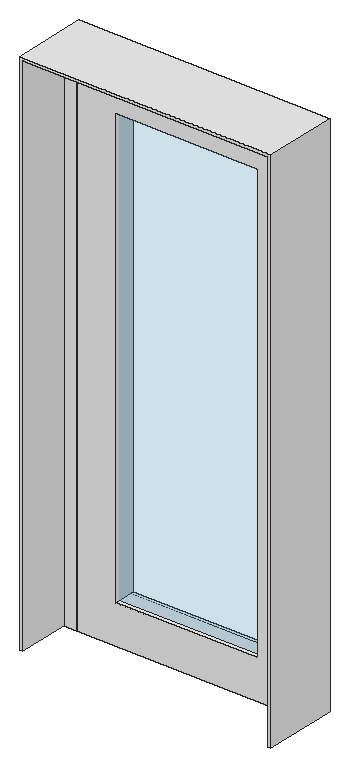
Revit family "Doorset_Entrance Door with Wall Reader_ASSA ABLOY DE_Hardware Light", category Doors, host Wall, Revit 2015
Parameters (values of type "900 x 2110 mm (1000 x 2160 mm)")
  Uniclass 2.0 Description = "Doorsets"
  Uniclass 2.0 Code = "PR-59-23"
  Uniclass 1.4 Description = "Doors"
  Uniclass 1.4 Code = "L411"
  URL = "http://www.assaabloy.de/de/local/de/bim-spezifikationen/bim-tuerloesungen/bim/eingangstuer-mit-wandleser-de01/"
  Type Comments = "900 x 2110 mm (1000 x 2160 mm)"
  Thickness Constraint = if(Thickness < Minimum Thickness, Minimum Thickness, if(Thickness > Maximum Thickness, Maximum Thickness, Thickness))  # 90 mm
  Thickness = 90 mm
  Strikes, Magnetic Locks and Bolts = "1x Electric Strike with face plate_ProFix_Effeff"  # constant formula
  Rough Width = Width + 24 mm  # 1024 mm
  Rough Height = Height + 12 mm  # 2172 mm
  Region Europe = "DE"
  Provider = "ASSA ABLOY DE"  # constant formula
  Product Guid = "a4c1d12d-992d-425b-a9bc-2c0135c17846"
  Panel Width = Width - (2 mm * 50)  # 900 mm
  Panel Material = Steel/Aluminium
  Panel Height = Height - 50 mm  # 2110 mm
  OmniClass Title = "Doors"
  OmniClass Number = "23-17 11 00"
  Name = "Entrance Door with Wall Reader"  # constant formula
  NBS Reference Description = "Doorsets"
  NBS Reference Code = "59-23"
  Model = "Doorset_Entrance Door with Wall Reader_ASSA ABLOY DE_Hardware Light"  # constant formula
  Minimum Thickness = 38 mm  # constant formula
  Minimum Door Width = 900 mm  # constant formula
  Minimum Door Height = 2110 mm  # constant formula
  Maximum Thickness = 105 mm  # constant formula
  Maximum Door Width = 1500 mm  # constant formula
  Maximum Door Height = 3750 mm  # constant formula
  Manufacturer = "ASSA ABLOY"  # constant formula
  Locksets = "1x Mortise Lock_OneSystem_ASSA ABLOY"  # constant formula
  Identity and Access Solutions = "1x Access Control SCALA_SCALA_Effeff"  # constant formula
  IFC Classification = "Door"
  Hardware Set = "ES1-AC-ML-DC-DE01"  # constant formula
  Function = Exterior
  Height = if(Frame Height < Minimum Door Height, Minimum Door Height + 50 mm, if(Frame Height > Maximum Door Height, Maximum Door Height + 50 mm, Frame Height))  # 2160 mm
  Wall Closure = By host
  Width = if(Frame Width < Minimum Door Width, Minimum Door Width + 100 mm, if(Frame Width > Maximum Door Width, Maximum Door Width + 100 mm, Frame Width))  # 1000 mm
  Frame Width = 1000 mm
  Frame Material = Steel/Aluminium
  Frame Height = 2160 mm
  Frame Depth [instance] = Thickness Constraint  # 90 mm
  Electronic Accessories = "1x Power Supply_SCALA_Effeff"  # constant formula
  Edition number = 1
  Door Width [instance] = 1000 mm
  Door Height [instance] = 2160 mm
  Door Closers = "1x Door Closer DC700 with guide rail_Cam-Motion®_ASSA ABLOY"  # constant formula
  Description = "Single Self Closing Entrance Exterior Door with Wall Reader"  # constant formula
  Date of publishing = "22.09.2016"
  Contact Provider = "www.assaabloy.de/kontakt-tuerloesungen/"
  BIMobject Unique ref = "ES1-AC-ML-DC-DE01"
  BIMobject Product Page = "http://bimobject.com/assaabloy-de/product/es1-ac-ml-dc-de01"
  BIMobject Product Group = "Single-Steel/Aluminium-Self Closing-Access Control"
  BIMobject Product Family = "Exterior Door Solutions"
  BIMobject Instructions Video = "https://www.youtube.com/watch?v=BP0i_x6Tqq8&feature=youtu.be"
  BIMobject Brand = "ASSA ABLOY DE"
  Architectural Hardware = "1x Handle (inside) + Knob (outside)_OneSystem_ASSA ABLOY"  # constant formula
Types (8, lengths in mm): name | Type Comments | Rough Width | Rough Height | Panel Width | Panel Height | Height | Width | Frame Width | Frame Height | Door Width | Door Height
  (no name) | "900 x 2110 mm (1000 x 2160 mm)" | 1024 | 2172 | 900 | 2110 | 2160 | 1000 | 1000 | 2160 | 1000 | 2160
  900 x 2110 mm (1000 x 2160 mm) | "900 x 2110 mm (1000 x 2160 mm)" | 1024 | 2172 | 900 | 2110 | 2160 | 1000 | 1000 | 2160 | 1000 | 2160
  1000 x 2110 mm (1100 x 2160 mm) | "1000 x 2110 mm (1100 x 2160 mm)" | 1124 | 2172 | 1000 | 2110 | 2160 | 1100 | 1100 | 2160 | 1100 | 2160
  1000 x 2500 mm (1100 x 2550 mm) | "1000 x 2500 mm (1100 x 2550 mm)" | 1124 | 2562 | 1000 | 2500 | 2550 | 1100 | 1100 | 2550 | 1100 | 2550
  1000 x 3750 mm (1100 x 3800 mm) | "1000 x 3750 mm (1100 x 3800 mm)" | 1124 | 3812 | 1000 | 3750 | 3800 | 1100 | 1100 | 3800 | 1100 | 3800
  1300 x 2500 mm (1400 x 2550 mm) | "1300 x 2500 mm (1400 x 2550 mm)" | 1424 | 2562 | 1300 | 2500 | 2550 | 1400 | 1400 | 2550 | 1400 | 2550
  1300 x 3750 mm (1400 x 3800 mm) | "1300 x 3750 mm (1400 x 3800 mm)" | 1424 | 3812 | 1300 | 3750 | 3800 | 1400 | 1400 | 3800 | 1400 | 3800
  1500 x 3750 mm (1600 x 3800 mm) | "1500 x 3750 mm (1600 x 3800 mm)" | 1624 | 3812 | 1500 | 3750 | 3800 | 1600 | 1600 | 3800 | 1600 | 3800
Reference planes
  plane 1: y = 0
  plane 2 "Center (Left/Right)": x = 0
  plane 3 "Exterior": y = 150
  plane 4 "Interior": y = -150
  plane 5: x = 512
  plane 6: x = -512
  plane 7: z = 2172
  plane 8: x = 500
  plane 9: x = -500
  plane 10: z = 2160
  plane 11: y = 60
  plane 12: x = 450
  plane 13: x = -450
  plane 14: z = 2110
  plane 15: x = 290
  plane 16: x = -290
  plane 17: z = 1950
  plane 18: z = 160
  plane 19: z = 1055
  plane 20: y = 135
  plane 21: y = 75
  plane 22: y = 1050
  plane 23: y = 1174
  plane 24: x = 360
  plane 25: x = -415
  plane 26: x = -662
  plane 27: x = 385.5
Forms (mm)
  Extrusion 1, solid, material "Steel/Aluminium" <- "Frame Material"
    sketch origin (0, 150, 0) x (1, 0, 0) y (0, 0, 1)
      loop
        line (-500, 2160) -> (-500, 0) -> (-450, 0) -> (-450, 2110) -> (450, 2110) -> (450, 0) -> (500, 0) -> (500, 2160) -> (-500, 2160)
    from 0 to 90
  Extrusion 2, solid, material "Steel/Aluminium" <- "Panel Material"
    sketch origin (0, 150, 0) x (1, 0, 0) y (0, 0, 1)
      loop
        line (450, 2110) -> (-450, 2110) -> (-450, 0) -> (450, 0) -> (450, 2110)
      loop
        line (-290, 160) -> (290, 160) -> (290, 1950) -> (-290, 1950) -> (-290, 160)
    from 0 to 90
  Extrusion 3, solid, material "Door Glass"
    sketch origin (0, 150, 0) x (1, 0, 0) y (0, 0, 1)
      loop
        line (-290, 1950) -> (-290, 160) -> (290, 160) -> (290, 1950) -> (-290, 1950)
    from 15 to 75
  Extrusion 4, solid, material "Steel/Aluminium" <- "Frame Material"
    sketch origin (0, 150, 0) x (1, 0, 0) y (0, 0, 1)
      loop
        line (512, 2172) -> (-512, 2172) -> (-512, 0) -> (-500, 0) -> (-500, 2160) -> (500, 2160) -> (500, 0) -> (512, 0) -> (512, 2172)
    from 0 to 300
Lines and regions (mm)
  Opening 1
    outline origin (-5000, -150, 0) x (1, 0, 0) y (0, 0, 1)
      loop
        line (4488, 2172) -> (4488, 0) -> (5512, 0) -> (5512, 2172) -> (4488, 2172)
  Masking region 1
    outline origin (0, 0, 0) x (1, 0, 0) y (0, 1, 0)
      loop
        line (512, 150) -> (-512, 150) -> (-512, -150) -> (512, -150) -> (512, 150)
  Masking region 2, detail levels medium
    outline origin (0, 0, 0) x (1, 0, 0) y (0, 1, 0)
      loop
        line (-500, 150) -> (-500, 60) -> (-450, 60) -> (-450, 150) -> (-500, 150)
      loop
        line (450, 60) -> (500, 60) -> (500, 150) -> (450, 150) -> (450, 60)
  Masking region 3, detail levels medium
    outline origin (0, 0, 0) x (1, 0, 0) y (0, 1, 0)
      loop
        line (360, 1050) -> (360, 150) -> (450, 150) -> (450, 1050) -> (360, 1050)
  Masking region 4
    outline origin (-450, 150, 2110) x (0, 0, -1) y (0, 1, 0)
      loop
        line (2110, -90) -> (2110, 0) -> (-50, 0) -> (-50, -90) -> (2110, -90)
  Masking region 5, detail levels fine
    outline origin (0, 0, 0) x (1, 0, 0) y (0, 1, 0)
      loop
        line (-450, 150) -> (-500, 150) -> (-500, 60) -> (-430, 60) -> (-430, 75) -> (-440, 75) -> (-440, 135) -> (-450, 135) -> (-450, 150)
      loop
        line (500, 150) -> (450, 150) -> (450, 135) -> (440, 135) -> (440, 75) -> (430, 75) -> (430, 60) -> (500, 60) -> (500, 150)
  Masking region 6, detail levels fine
    outline origin (0, 0, 0) x (1, 0, 0) y (0, 1, 0)
      loop
        line (450, 150) -> (450, 1050) -> (435, 1050) -> (435, 1040) -> (375, 1040) -> (375, 1030) -> (360, 1030) -> (360, 170) -> (375, 170) -> (375, 160) -> (435, 160) -> (435, 150) -> (450, 150)
  Masking region 7, detail levels fine
    outline origin (0, 0, 0) x (1, 0, 0) y (0, 1, 0)
      loop
        line (-616, 150) -> (-616, 172.2) -> (-708, 172.2) -> (-708, 150) -> (-616, 150)
  Masking region 8, not visible, detail levels fine
    outline origin (0, 0, 0) x (1, 0, 0) y (0, 1, 0)
      loop
        line (-616, 150) -> (-616, 172.2) -> (-708, 172.2) -> (-708, 150) -> (-616, 150)
  Masking region 9, detail levels fine
    outline origin (0, 0, 0) x (1, 0, 0) y (0, 1, 0)
      loop
        line (279.5, 949.019) -> (279.5, 900)
        arc (279.5, 900) -> (291.069, 872.069) -> (319, 860.5) r 39.5
        line (319, 860.5) -> (331, 860.5) -> (331, 879.5) -> (319, 879.5)
        arc (319, 879.5) -> (304.504, 885.504) -> (298.5, 900) r 20.5
        line (298.5, 900) -> (298.5, 949.019)
        arc (298.5, 949.019) -> (299.028, 953.031) -> (300.577, 956.769) r 15.5
        line (300.577, 956.769) -> (315.577, 982.75)
        arc (315.577, 982.75) -> (321.25, 988.423) -> (329, 990.5) r 15.5
        line (329, 990.5) -> (344, 990.5) -> (344, 983.5) -> (360, 983.5) -> (360, 1016.5) -> (344, 1016.5) -> (344, 1009.5) -> (329, 1009.5)
        arc (329, 1009.5) -> (311.75, 1004.878) -> (299.122, 992.25) r 34.5
        line (299.122, 992.25) -> (284.122, 966.269)
        arc (284.122, 966.269) -> (280.676, 957.948) -> (279.5, 949.019) r 34.5
  Masking region 10, not visible, detail levels fine
    outline origin (0, 0, 0) x (1, 0, 0) y (0, 1, 0)
      loop
        line (279.5, 949.019) -> (279.5, 900)
        arc (279.5, 900) -> (291.069, 872.069) -> (319, 860.5) r 39.5
        line (319, 860.5) -> (331, 860.5) -> (331, 879.5) -> (319, 879.5)
        arc (319, 879.5) -> (304.504, 885.504) -> (298.5, 900) r 20.5
        line (298.5, 900) -> (298.5, 949.019)
        arc (298.5, 949.019) -> (299.028, 953.031) -> (300.577, 956.769) r 15.5
        line (300.577, 956.769) -> (315.577, 982.75)
        arc (315.577, 982.75) -> (321.25, 988.423) -> (329, 990.5) r 15.5
        line (329, 990.5) -> (344, 990.5) -> (344, 983.5) -> (360, 983.5) -> (360, 1016.5) -> (344, 1016.5) -> (344, 1009.5) -> (329, 1009.5)
        arc (329, 1009.5) -> (311.75, 1004.878) -> (299.122, 992.25) r 34.5
        line (299.122, 992.25) -> (284.122, 966.269)
        arc (284.122, 966.269) -> (280.676, 957.948) -> (279.5, 949.019) r 34.5
  Masking region 11, detail levels fine
    outline origin (0, 0, 0) x (1, 0, 0) y (0, 1, 0)
      loop
        line (488.444, 989) -> (504.314, 973.13) -> (519.87, 988.686) -> (497.556, 1011) -> (466, 1011) -> (466, 1016.5) -> (450, 1016.5) -> (450, 983.5) -> (466, 983.5) -> (466, 989) -> (488.444, 989)
  Masking region 12, detail levels fine
    outline origin (0, 0, 0) x (1, 0, 0) y (0, 1, 0)
      loop
        line (519.87, 988.686) -> (504.314, 973.13)
        arc (504.314, 973.13) -> (549.548, 943.452) -> (519.87, 988.686) r 27.628
  Masking region 13, not visible, detail levels fine
    outline origin (0, 0, 0) x (1, 0, 0) y (0, 1, 0)
      loop
        line (488.444, 989) -> (504.314, 973.13) -> (519.87, 988.686) -> (497.556, 1011) -> (466, 1011) -> (466, 1016.5) -> (450, 1016.5) -> (450, 983.5) -> (466, 983.5) -> (466, 989) -> (488.444, 989)
  Masking region 14, not visible, detail levels fine
    outline origin (0, 0, 0) x (1, 0, 0) y (0, 1, 0)
      loop
        line (519.87, 988.686) -> (504.314, 973.13)
        arc (504.314, 973.13) -> (549.548, 943.452) -> (519.87, 988.686) r 27.628
  Masking region 15, detail levels fine
    outline origin (0, 0, 0) x (0, 1, 0) y (0, 0, 1)
      loop
        line (60, 2110) -> (60, 2133.024) -> (16.245, 2133.024) -> (16.245, 2110) -> (28.339, 2110) -> (28.339, 2107.15) -> (19.3, 2107.15) -> (19.3, 2093.5) -> (3, 2093.5) -> (3, 2064) -> (4, 2064) -> (4, 2059) -> (3, 2059) -> (3, 2029.546) -> (60, 2029.546) -> (60, 2093.5) -> (41.297, 2093.5) -> (41.297, 2102.15) -> (50.332, 2102.15) -> (50.332, 2110) -> (60, 2110)
  Masking region 16, not visible, detail levels fine
    outline origin (0, 0, 0) x (0, 1, 0) y (0, 0, 1)
      loop
        line (60, 2110) -> (60, 2133.024) -> (16.245, 2133.024) -> (16.245, 2110) -> (28.339, 2110) -> (28.339, 2107.15) -> (19.3, 2107.15) -> (19.3, 2093.5) -> (3, 2093.5) -> (3, 2064) -> (4, 2064) -> (4, 2059) -> (3, 2059) -> (3, 2029.546) -> (60, 2029.546) -> (60, 2093.5) -> (41.297, 2093.5) -> (41.297, 2102.15) -> (50.332, 2102.15) -> (50.332, 2110) -> (60, 2110)
  Masking region 17, detail levels fine
    outline origin (0, 0, 0) x (0, 1, 0) y (0, 0, 1)
      loop
        line (60, 1155) -> (44.063, 1155) -> (44.063, 1059.5) -> (-10.937, 1059.5)
        arc (-10.937, 1059.5) -> (-20.437, 1050) -> (-10.937, 1040.5) r 9.5
        line (-10.937, 1040.5) -> (44.063, 1040.5) -> (44.063, 900) -> (60, 900) -> (60, 1155)
  Masking region 18, not visible, detail levels fine
    outline origin (0, 0, 0) x (0, 1, 0) y (0, 0, 1)
      loop
        line (60, 1155) -> (44.063, 1155) -> (44.063, 1059.5) -> (-10.937, 1059.5)
        arc (-10.937, 1059.5) -> (-20.437, 1050) -> (-10.937, 1040.5) r 9.5
        line (-10.937, 1040.5) -> (44.063, 1040.5) -> (44.063, 900) -> (60, 900) -> (60, 1155)
  Masking region 19, detail levels fine
    outline origin (0, 0, 0) x (0, 1, 0) y (0, 0, 1)
      loop
        line (150, 1155) -> (150, 900) -> (165.937, 900) -> (165.937, 1040.5) -> (204.088, 1040.5)
        arc (204.088, 1040.5) -> (256.526, 1050) -> (204.088, 1059.5) r 27.08
        line (204.088, 1059.5) -> (165.937, 1059.5) -> (165.937, 1155) -> (150, 1155)
  Masking region 20, not visible, detail levels fine
    outline origin (0, 0, 0) x (0, 1, 0) y (0, 0, 1)
      loop
        line (150, 1155) -> (150, 900) -> (165.937, 900) -> (165.937, 1040.5) -> (204.088, 1040.5)
        arc (204.088, 1040.5) -> (256.526, 1050) -> (204.088, 1059.5) r 27.08
        line (204.088, 1059.5) -> (165.937, 1059.5) -> (165.937, 1155) -> (150, 1155)
  symbolic lines, style "DoorsPanelProjection", detail levels coarse
    curve 1: line (512, 1174, 0) -> (512, 150, 0)
  symbolic lines, style "Plan Swing", detail levels coarse
    curve 2: arc (-512, 150, 0) -> (-212.077, 874.077, 0) -> (512, 1174, 0) r 1024
  symbolic lines, style "Plan Swing", detail levels medium+fine
    curve 3: arc (-450, 150, 0) -> (-186.396, 786.396, 0) -> (450, 1050, 0) r 900
  symbolic lines, style "Doors", detail levels medium+fine
    curve 4: line (0, 60, 2110) -> (0, 150, 2110)
    curve 5: line (0, 60, 1950) -> (0, 150, 1950)
    curve 6: line (0, 150, 160) -> (0, 60, 160)
  symbolic lines, style "Doors", detail levels fine
    curve 7: line (0, 105, 1950) -> (0, 105, 160)
  symbolic lines, style "Elevation Swing"
    curve 8: line (450, 150, 2110) -> (-450, 150, 1055)
    curve 9: line (-450, 150, 1055) -> (450, 150, 0)
  symbolic lines, detail levels fine
    curve 10: line (450, 150, 0) -> (-450, 150, 0)
    curve 11: line (-450, 60, 0) -> (450, 60, 0)
    curve 12: line (344, 1009.5, 0) -> (344, 990.5, 0)
    curve 14: line (466, 1011, 0) -> (466, 989, 0)
    curve 16: line (0, 28.339, 2110) -> (0, 50.332, 2110)
    curve 17: line (0, 28.339, 2107.15) -> (0, 50.335, 2107.15)
    curve 18: line (0, 41.297, 2102.15) -> (0, 19.303, 2102.15)
    curve 19: line (0, 19.3, 2093.5) -> (0, 41.297, 2093.5)
    curve 20: line (0, 4, 2064) -> (0, 28.185, 2064)
    curve 21: arc (0, 28.185, 2064) -> (0, 33.898, 2074.374) -> (0, 45, 2078.5) r 17
    curve 22: line (0, 45, 2078.5) -> (0, 60, 2078.5)
    curve 23: line (0, 60, 2073.5) -> (0, 45, 2073.5)
    curve 24: arc (0, 45, 2073.5) -> (0, 33, 2061.5) -> (0, 45, 2049.5) r 12
    curve 25: line (0, 45, 2049.5) -> (0, 60, 2049.5)
    curve 26: line (0, 60, 2044.5) -> (0, 45, 2044.5)
    curve 27: arc (0, 45, 2044.5) -> (0, 33.898, 2048.626) -> (0, 28.185, 2059) r 17
    curve 28: line (0, 28.185, 2059) -> (0, 4, 2059)
    curve 42: line (0, 44.063, 1059.5) -> (0, 44.063, 1040.5)
    curve 44: arc (0, 204.088, 1059.5) -> (0, 202.367, 1050) -> (0, 204.088, 1040.5) r 27.08
    curve 45: line (0, 165.937, 1059.5) -> (0, 165.937, 1040.5)
  symbolic lines, not visible, detail levels fine
    curve 13: line (344, 1009.5, 0) -> (344, 990.5, 0)
    curve 15: line (466, 1011, 0) -> (466, 989, 0)
    curve 29: line (0, 28.339, 2110) -> (0, 50.332, 2110)
    curve 30: line (0, 28.339, 2107.15) -> (0, 50.335, 2107.15)
    curve 31: line (0, 41.297, 2102.15) -> (0, 19.303, 2102.15)
    curve 32: line (0, 19.3, 2093.5) -> (0, 41.297, 2093.5)
    curve 33: line (0, 4, 2064) -> (0, 28.185, 2064)
    curve 34: arc (0, 28.185, 2064) -> (0, 33.898, 2074.374) -> (0, 45, 2078.5) r 17
    curve 35: line (0, 45, 2078.5) -> (0, 60, 2078.5)
    curve 36: line (0, 60, 2073.5) -> (0, 45, 2073.5)
    curve 37: arc (0, 45, 2073.5) -> (0, 33, 2061.5) -> (0, 45, 2049.5) r 12
    curve 38: line (0, 45, 2049.5) -> (0, 60, 2049.5)
    curve 39: line (0, 60, 2044.5) -> (0, 45, 2044.5)
    curve 40: arc (0, 45, 2044.5) -> (0, 33.898, 2048.626) -> (0, 28.185, 2059) r 17
    curve 41: line (0, 28.185, 2059) -> (0, 4, 2059)
    curve 43: line (0, 44.063, 1059.5) -> (0, 44.063, 1040.5)
    curve 46: arc (0, 204.088, 1059.5) -> (0, 202.367, 1050) -> (0, 204.088, 1040.5) r 27.08
    curve 47: line (0, 165.937, 1059.5) -> (0, 165.937, 1040.5)
  model lines, style "Assa Abloy Hardware", detail levels fine
    curve 48: line (-118, 60, 2133) -> (385.5, 60, 2133)
    curve 49: line (385.5, 60, 2133) -> (385.5, 60, 2110)
    curve 50: line (385.5, 60, 2110) -> (-118, 60, 2110)
    curve 51: line (-118, 60, 2110) -> (-118, 60, 2133)
    curve 52: line (385.5, 60, 2093.5) -> (115.5, 60, 2093.5)
    curve 53: line (115.5, 60, 2093.5) -> (115.5, 60, 2029.5)
    curve 54: line (115.5, 60, 2029.5) -> (385.5, 60, 2029.5)
    curve 55: line (385.5, 60, 2029.5) -> (385.5, 60, 2093.5)
    curve 56: line (115.5, 60, 2064) -> (385.5, 60, 2064)
    curve 57: line (385.5, 60, 2059) -> (115.5, 60, 2059)
    curve 58: line (116.5, 60, 2064) -> (116.5, 60, 2059)
    curve 59: line (384.5, 60, 2064) -> (384.5, 60, 2059)
    curve 60: line (308, 60, 2107.15) -> (-83.886, 60, 2107.15)
    curve 61: line (-83.886, 60, 2107.15) -> (-83.886, 60, 2102.15)
    curve 62: line (-83.886, 60, 2102.15) -> (308, 60, 2102.15)
    curve 63: line (308, 60, 2107.15) -> (308, 60, 2093.5)
    curve 64: line (285.975, 60, 2102.15) -> (285.975, 60, 2093.5)
    curve 65: line (-83.886, 60, 2110) -> (-83.886, 60, 2107.15)
    curve 66: line (-61.526, 60, 2107.15) -> (-61.526, 60, 2110)
    curve 86: line (-431.5, 60, 916.5) -> (-431.5, 60, 1138.5)
    curve 87: arc (-431.5, 60, 1138.5) -> (-415, 60, 1155) -> (-398.5, 60, 1138.5) r 16.5
    curve 88: line (-398.5, 60, 1138.5) -> (-398.5, 60, 1059.5)
    curve 89: line (-398.5, 60, 1040.5) -> (-398.5, 60, 916.5)
    curve 90: arc (-398.5, 60, 916.5) -> (-415, 60, 900) -> (-431.5, 60, 916.5) r 16.5
    curve 91: arc (-415, 60, 1059.5) -> (-424.5, 60, 1050) -> (-415, 60, 1040.5) r 9.5
    curve 92: arc (-285, 60, 1059.5) -> (-275.5, 60, 1050) -> (-285, 60, 1040.5) r 9.5
    curve 93: line (-415, 60, 1059.5) -> (-285, 60, 1059.5)
    curve 94: line (-285, 60, 1040.5) -> (-415, 60, 1040.5)
    curve 95: arc (-398.5, 150, 1138.5) -> (-415, 150, 1155) -> (-431.5, 150, 1138.5) r 16.5
    curve 96: arc (-398.5, 150, 916.5) -> (-415, 150, 900) -> (-431.5, 150, 916.5) r 16.5
    curve 97: arc (-415, 150, 1061) -> (-426, 150, 1050) -> (-415, 150, 1039) r 11
    curve 98: line (-415, 150, 1061) -> (-402.927, 150, 1061)
    curve 99: line (-415, 150, 1039) -> (-403.322, 150, 1039)
    curve 100: circle (-377.832, 150, 1050) r 28.096 normal (0, -1, 0)
    curve 101: line (-431.5, 150, 1138.5) -> (-431.5, 150, 916.5)
    curve 102: line (-398.5, 150, 916.5) -> (-398.5, 150, 1030.968)
    curve 103: line (-398.5, 150, 1138.5) -> (-398.5, 150, 1069.032)
    curve 122: line (-616.087, 150, 1095.913) -> (-616.087, 150, 1004.087)
    curve 123: line (-616.087, 150, 1004.087) -> (-707.913, 150, 1004.087)
    curve 124: line (-707.913, 150, 1004.087) -> (-707.913, 150, 1095.913)
    curve 125: line (-707.913, 150, 1095.913) -> (-616.087, 150, 1095.913)
    curve 126: line (-637.942, 150, 1074.058) -> (-686.058, 150, 1074.058)
    curve 127: line (-686.058, 150, 1074.058) -> (-686.058, 150, 1025.942)
    curve 128: line (-686.058, 150, 1025.942) -> (-637.942, 150, 1025.942)
    curve 129: line (-637.942, 150, 1025.942) -> (-637.942, 150, 1074.058)
  model lines, style "Assa Abloy Hardware", not visible, detail levels fine
    curve 67: line (-118, 60, 2133) -> (385.5, 60, 2133)
    curve 68: line (385.5, 60, 2133) -> (385.5, 60, 2110)
    curve 69: line (385.5, 60, 2110) -> (-118, 60, 2110)
    curve 70: line (-118, 60, 2110) -> (-118, 60, 2133)
    curve 71: line (385.5, 60, 2093.5) -> (115.5, 60, 2093.5)
    curve 72: line (115.5, 60, 2093.5) -> (115.5, 60, 2029.5)
    curve 73: line (115.5, 60, 2029.5) -> (385.5, 60, 2029.5)
    curve 74: line (385.5, 60, 2029.5) -> (385.5, 60, 2093.5)
    curve 75: line (115.5, 60, 2064) -> (385.5, 60, 2064)
    curve 76: line (385.5, 60, 2059) -> (115.5, 60, 2059)
    curve 77: line (116.5, 60, 2064) -> (116.5, 60, 2059)
    curve 78: line (384.5, 60, 2064) -> (384.5, 60, 2059)
    curve 79: line (308, 60, 2107.15) -> (-83.886, 60, 2107.15)
    curve 80: line (-83.886, 60, 2107.15) -> (-83.886, 60, 2102.15)
    curve 81: line (-83.886, 60, 2102.15) -> (308, 60, 2102.15)
    curve 82: line (308, 60, 2107.15) -> (308, 60, 2093.5)
    curve 83: line (285.975, 60, 2102.15) -> (285.975, 60, 2093.5)
    curve 84: line (-83.886, 60, 2110) -> (-83.886, 60, 2107.15)
    curve 85: line (-61.526, 60, 2107.15) -> (-61.526, 60, 2110)
    curve 104: line (-431.5, 60, 916.5) -> (-431.5, 60, 1138.5)
    curve 105: arc (-431.5, 60, 1138.5) -> (-415, 60, 1155) -> (-398.5, 60, 1138.5) r 16.5
    curve 106: line (-398.5, 60, 1138.5) -> (-398.5, 60, 1059.5)
    curve 107: line (-398.5, 60, 1040.5) -> (-398.5, 60, 916.5)
    curve 108: arc (-398.5, 60, 916.5) -> (-415, 60, 900) -> (-431.5, 60, 916.5) r 16.5
    curve 109: arc (-415, 60, 1059.5) -> (-424.5, 60, 1050) -> (-415, 60, 1040.5) r 9.5
    curve 110: arc (-285, 60, 1059.5) -> (-275.5, 60, 1050) -> (-285, 60, 1040.5) r 9.5
    curve 111: line (-415, 60, 1059.5) -> (-285, 60, 1059.5)
    curve 112: line (-285, 60, 1040.5) -> (-415, 60, 1040.5)
    curve 113: arc (-398.5, 150, 1138.5) -> (-415, 150, 1155) -> (-431.5, 150, 1138.5) r 16.5
    curve 114: arc (-398.5, 150, 916.5) -> (-415, 150, 900) -> (-431.5, 150, 916.5) r 16.5
    curve 115: arc (-415, 150, 1061) -> (-426, 150, 1050) -> (-415, 150, 1039) r 11
    curve 116: line (-415, 150, 1061) -> (-402.927, 150, 1061)
    curve 117: line (-415, 150, 1039) -> (-403.322, 150, 1039)
    curve 118: circle (-377.832, 150, 1050) r 28.096 normal (0, -1, 0)
    curve 119: line (-431.5, 150, 1138.5) -> (-431.5, 150, 916.5)
    curve 120: line (-398.5, 150, 916.5) -> (-398.5, 150, 1030.968)
    curve 121: line (-398.5, 150, 1138.5) -> (-398.5, 150, 1069.032)
    curve 130: line (-616.087, 150, 1095.913) -> (-616.087, 150, 1004.087)
    curve 131: line (-616.087, 150, 1004.087) -> (-707.913, 150, 1004.087)
    curve 132: line (-707.913, 150, 1004.087) -> (-707.913, 150, 1095.913)
    curve 133: line (-707.913, 150, 1095.913) -> (-616.087, 150, 1095.913)
    curve 134: line (-637.942, 150, 1074.058) -> (-686.058, 150, 1074.058)
    curve 135: line (-686.058, 150, 1074.058) -> (-686.058, 150, 1025.942)
    curve 136: line (-686.058, 150, 1025.942) -> (-637.942, 150, 1025.942)
    curve 137: line (-637.942, 150, 1025.942) -> (-637.942, 150, 1074.058)
Text (mm)
  text "Exterior" at (-2582.17, 525.235, 0), in view "Ref. Level"
  text "Exterior" at (0, 1615.38, 3698.081), in view "Left"
  text "Exterior" at (0, 1036.032, 3874.932), in view "Right"
Dimensions and locks
  locked: plane 3 "Exterior" to host wall at 0
  locked: plane 4 "Interior" to host wall
  equal spacing: plane 6, plane 2 "Center (Left/Right)", plane 5
  "Rough Width": plane 6 to plane 5
  "Rough Height": plane 7 to level
  locked: plane 6 to plane 9 at 12
  locked: plane 5 to plane 8 at 12
  locked: plane 7 to plane 10 at 12
  "Door Width": plane 9 to plane 8
  "Door Height": plane 10 to level
  "Thickness Constraint": plane 11 to plane 3 "Exterior"
  locked: plane 9 to plane 13 at 50
  locked: plane 8 to plane 12 at 50
  locked: plane 10 to plane 14 at 50
  locked: plane 16 to plane 13 at 160
  locked: plane 15 to plane 12 at 160
  locked: plane 14 to plane 17 at 160
  locked: plane 18 to level at 160
  equal spacing: plane 17, plane 19, plane 18
  locked: plane 20 to plane 3 "Exterior" at 15
  locked: plane 21 to plane 11 at 15
  "Rough Width": plane 3 "Exterior" to plane 23
  "Panel Width": plane 3 "Exterior" to plane 22
  "Thickness Constraint": plane 24 to plane 12
  equal spacing: plane 3 "Exterior", curve 7, plane 11
  locked: plane 24 to Masking region 6 sketch curve at 15  (x2)
  locked: plane 25 to plane 13 at 35
  locked: plane 26 to plane 6 at 150
  locked: plane 27 to plane 12 at 64.5
  locked: plane 26 to Masking region 7 at 46
  locked: plane 22 to Masking region 9 at 33.5
  locked: plane 22 to Masking region 11 at 33.5
  locked: Masking region 17 to plane 18 at 880.5
  locked: Masking region 19 to plane 18 at 880.5
  locked: plane 25 to curve 101 at 16.5
  locked: plane 18 to curve 99 at 879
  locked: curve 122 to plane 6 at 104.087
  locked: level to curve 123 at 1004.087
  aligned and locked: plane 1 to host wall
  aligned and locked: Opening 1 sketch curve to plane 7
  aligned and locked: plane 6 to Opening 1 sketch curve
  aligned and locked: Opening 1 sketch curve to plane 5
  aligned and locked: Opening 1 sketch curve to level
  aligned and locked: Extrusion 1 sketch curve to plane 10
  aligned and locked: Extrusion 1 sketch curve to plane 9
  aligned and locked: Extrusion 1 sketch curve to plane 13
  aligned and locked: plane 14 to Extrusion 1 sketch curve
  aligned and locked: plane 8 to Extrusion 1 sketch curve
  aligned and locked: plane 12 to Extrusion 1 sketch curve
  aligned and locked: level to Extrusion 1 sketch curve  (x2)
  aligned and locked: Extrusion 1 to plane 3 "Exterior"
  aligned and locked: Extrusion 1 to plane 11
  aligned and locked: Extrusion 2 sketch curve to plane 14
  aligned and locked: Extrusion 2 sketch curve to plane 12
  aligned and locked: plane 13 to Extrusion 2 sketch curve
  aligned and locked: Extrusion 2 sketch curve to level
  aligned and locked: Extrusion 2 sketch curve to plane 18
  aligned and locked: Extrusion 2 sketch curve to plane 15
  aligned and locked: plane 16 to Extrusion 2 sketch curve
  aligned and locked: Extrusion 2 sketch curve to plane 17
  aligned and locked: Extrusion 2 to plane 3 "Exterior"
  aligned and locked: Extrusion 2 to plane 11
  aligned and locked: plane 17 to Extrusion 3 sketch curve
  aligned and locked: Extrusion 3 sketch curve to plane 16
  aligned and locked: plane 15 to Extrusion 3 sketch curve
  aligned and locked: plane 18 to Extrusion 3 sketch curve
  aligned and locked: Extrusion 3 to plane 20
  aligned and locked: Extrusion 3 to plane 21
  aligned and locked: Masking region 1 sketch curve to plane 3 "Exterior"
  aligned and locked: Masking region 1 sketch curve to plane 4 "Interior"
  aligned and locked: plane 6 to Masking region 1 sketch curve
  aligned and locked: Masking region 1 sketch curve to plane 5
  aligned and locked: plane 9 to Masking region 2 sketch curve
  aligned and locked: plane 13 to Masking region 2 sketch curve
  aligned and locked: Masking region 2 sketch curve to plane 3 "Exterior"  (x2)
  aligned and locked: Masking region 2 sketch curve to plane 11  (x2)
  aligned and locked: Masking region 2 sketch curve to plane 12
  aligned and locked: Masking region 2 sketch curve to plane 8
  aligned and locked: curve 1 to plane 5
  aligned and locked: plane 23 to curve 1
  aligned and locked: plane 3 "Exterior" to curve 1
  aligned and locked: Masking region 3 sketch curve to plane 22
  aligned and locked: Masking region 3 sketch curve to plane 24
  aligned and locked: Masking region 3 sketch curve to plane 12
  aligned and locked: Masking region 3 sketch curve to plane 3 "Exterior"
  aligned and locked: plane 14 to curve 4
  aligned and locked: plane 11 to curve 4
  aligned and locked: plane 17 to curve 5
  aligned and locked: plane 18 to curve 6
  aligned and locked: plane 3 "Exterior" to curve 6
  aligned and locked: plane 11 to curve 5
  aligned and locked: plane 18 to curve 7
  aligned and locked: plane 17 to curve 7
  aligned and locked: Masking region 4 sketch curve to plane 3 "Exterior"
  aligned and locked: Masking region 4 sketch curve to level
  aligned and locked: Masking region 5 sketch curve to plane 3 "Exterior"  (x2)
  aligned and locked: Masking region 5 sketch curve to plane 11  (x2)
  aligned and locked: plane 9 to Masking region 5 sketch curve
  aligned and locked: plane 13 to Masking region 5 sketch curve
  aligned and locked: Masking region 5 sketch curve to plane 20
  aligned and locked: Masking region 5 sketch curve to plane 21
  aligned and locked: Masking region 5 sketch curve to plane 8
  aligned and locked: Masking region 5 sketch curve to plane 12
  aligned and locked: plane 20 to Masking region 5 sketch curve
  aligned and locked: plane 21 to Masking region 5 sketch curve
  aligned and locked: Masking region 6 sketch curve to plane 12
  aligned and locked: Masking region 6 sketch curve to plane 24
  aligned and locked: Masking region 6 sketch curve to plane 22
  aligned and locked: Masking region 6 sketch curve to plane 3 "Exterior"
  aligned and locked: curve 10 to plane 3 "Exterior"
  aligned and locked: curve 11 to plane 11
  aligned and locked: plane 13 to curve 11
  aligned and locked: plane 12 to curve 11
  aligned and locked: plane 12 to curve 10
  aligned and locked: plane 13 to curve 10
  aligned and locked: plane 7 to Extrusion 4 sketch curve
  aligned and locked: Extrusion 4 sketch curve to plane 6
  aligned and locked: Extrusion 4 sketch curve to plane 10
  aligned and locked: Extrusion 4 sketch curve to plane 9
  aligned and locked: plane 5 to Extrusion 4 sketch curve
  aligned and locked: plane 8 to Extrusion 4 sketch curve
  aligned and locked: level to Extrusion 4 sketch curve  (x2)
  aligned and locked: Extrusion 4 to plane 3 "Exterior"
  aligned and locked: plane 4 "Interior" to Extrusion 4
  aligned and locked: Masking region 4 sketch curve to plane 11
  aligned and locked: plane 10 to Masking region 4 sketch curve
  aligned and locked: plane 3 "Exterior" to Masking region 7
  aligned and locked: plane 24 to Masking region 9
  aligned and locked: plane 12 to Masking region 11
  aligned and locked: Masking region 15 to plane 14
  aligned and locked: Masking region 15 to plane 11
  aligned and locked: Masking region 17 to plane 11
  aligned and locked: Masking region 19 to plane 3 "Exterior"
  aligned and locked: curve 50 to plane 14
  aligned and locked: plane 27 to curve 55
Automatic sketch dimensions
  plane 13 to Masking region 5 sketch curve = 10 mm
  plane 12 to Masking region 5 sketch curve = 20 mm
  Masking region 5 sketch curve to Masking region 5 sketch curve = 10 mm  (x2)
  plane 12 to Masking region 6 sketch curve = 15 mm  (x2)
  host wall to Masking region 6 sketch curve = 10 mm
  Masking region 6 sketch curve to plane 22 = 20 mm
  Masking region 6 sketch curve to Masking region 6 sketch curve = 10 mm  (x2)
  Masking region 7 sketch curve to Masking region 7 sketch curve = 92 mm
  Masking region 7 sketch curve to Masking region 7 sketch curve = 22.2 mm
  Masking region 8 sketch curve to Masking region 8 sketch curve = 92 mm
  Masking region 8 sketch curve to Masking region 8 sketch curve = 22.2 mm
  Masking region 9 sketch curve to Masking region 9 sketch curve = 0 mm  (x12)
  Masking region 9 sketch curve to Masking region 9 sketch curve = 15 mm  (x3)
  Masking region 9 sketch curve to Masking region 9 sketch curve = 12 mm
  Masking region 9 sketch curve to Masking region 9 sketch curve = 13.423 mm  (x2)
  Masking region 9 sketch curve to Masking region 9 sketch curve = 49.019 mm
  Masking region 9 sketch curve to Masking region 9 sketch curve = 25.981 mm
  Masking region 9 sketch curve to Masking region 9 sketch curve = 7.75 mm
  Masking region 9 sketch curve to Masking region 9 sketch curve = 7 mm  (x2)
  Masking region 9 sketch curve to Masking region 9 sketch curve = 9.5 mm
  Masking region 9 sketch curve to Masking region 9 sketch curve = 4.622 mm
  Masking region 9 sketch curve to Masking region 9 sketch curve = 19 mm
  Masking region 9 sketch curve to Masking region 9 sketch curve = 2.077 mm
  Masking region 9 sketch curve to Masking region 9 sketch curve = 16.454 mm
  Masking region 9 sketch curve to Masking region 9 sketch curve = 20.5 mm
  Masking region 9 sketch curve to Masking region 9 sketch curve = 16 mm
  Masking region 10 sketch curve to Masking region 10 sketch curve = 0 mm  (x12)
  Masking region 10 sketch curve to Masking region 10 sketch curve = 15 mm  (x3)
  Masking region 10 sketch curve to Masking region 10 sketch curve = 12 mm
  Masking region 10 sketch curve to Masking region 10 sketch curve = 13.423 mm  (x2)
  Masking region 10 sketch curve to Masking region 10 sketch curve = 49.019 mm
  Masking region 10 sketch curve to Masking region 10 sketch curve = 25.981 mm
  Masking region 10 sketch curve to Masking region 10 sketch curve = 7.75 mm
  Masking region 10 sketch curve to Masking region 10 sketch curve = 7 mm  (x2)
  Masking region 10 sketch curve to Masking region 10 sketch curve = 9.5 mm
  Masking region 10 sketch curve to Masking region 10 sketch curve = 4.622 mm
  Masking region 10 sketch curve to Masking region 10 sketch curve = 19 mm
  Masking region 10 sketch curve to Masking region 10 sketch curve = 2.077 mm
  Masking region 10 sketch curve to Masking region 10 sketch curve = 16.454 mm
  Masking region 10 sketch curve to Masking region 10 sketch curve = 20.5 mm
  Masking region 10 sketch curve to Masking region 10 sketch curve = 16 mm
  Masking region 11 sketch curve to Masking region 11 sketch curve = 15.556 mm  (x2)
  Masking region 11 sketch curve to Masking region 11 sketch curve = 5.5 mm  (x2)
  curve 2 to host wall = 0 mm
  curve 3 to plane 12 = 0 mm
  Masking region 12 sketch curve to Masking region 12 sketch curve = 10.142 mm  (x2)
  Masking region 11 sketch curve to Masking region 11 sketch curve = 16 mm  (x2)
  Masking region 11 sketch curve to Masking region 11 sketch curve = 22.444 mm
  Masking region 11 sketch curve to Masking region 11 sketch curve = 9.113 mm
  Masking region 11 sketch curve to Masking region 11 sketch curve = 15.87 mm
  Masking region 12 sketch curve to Masking region 12 sketch curve = 15.556 mm
  Masking region 13 sketch curve to Masking region 13 sketch curve = 15.556 mm  (x2)
  Masking region 13 sketch curve to Masking region 13 sketch curve = 5.5 mm  (x2)
  Masking region 14 sketch curve to Masking region 14 sketch curve = 10.142 mm  (x2)
  Masking region 13 sketch curve to Masking region 13 sketch curve = 16 mm  (x2)
  Masking region 13 sketch curve to Masking region 13 sketch curve = 22.444 mm
  Masking region 13 sketch curve to Masking region 13 sketch curve = 9.113 mm
  Masking region 13 sketch curve to Masking region 13 sketch curve = 15.87 mm
  Masking region 14 sketch curve to Masking region 14 sketch curve = 15.556 mm
  Masking region 15 sketch curve to Masking region 15 sketch curve = 9.035 mm
  Masking region 15 sketch curve to Masking region 15 sketch curve = 12.958 mm
  Masking region 15 sketch curve to Masking region 15 sketch curve = 9.039 mm
  Masking region 15 sketch curve to Masking region 15 sketch curve = 1 mm  (x2)
  Masking region 15 sketch curve to Masking region 15 sketch curve = 13.65 mm  (x2)
  Masking region 15 sketch curve to Masking region 15 sketch curve = 8.65 mm
  Masking region 15 sketch curve to Masking region 15 sketch curve = 29.5 mm
  Masking region 15 sketch curve to Masking region 15 sketch curve = 5 mm
  Masking region 15 sketch curve to Masking region 15 sketch curve = 23.024 mm
  Masking region 15 sketch curve to Masking region 15 sketch curve = 3.055 mm
  Masking region 15 sketch curve to Masking region 15 sketch curve = 29.454 mm
  Masking region 15 sketch curve to Masking region 15 sketch curve = 13.245 mm
  Masking region 15 sketch curve to Masking region 15 sketch curve = 57 mm
  Masking region 15 sketch curve to Masking region 15 sketch curve = 9.668 mm
  Masking region 15 sketch curve to Masking region 15 sketch curve = 7.85 mm
  Masking region 15 sketch curve to Masking region 15 sketch curve = 2.85 mm
  Masking region 16 sketch curve to Masking region 16 sketch curve = 9.035 mm
  Masking region 16 sketch curve to Masking region 16 sketch curve = 12.958 mm
  Masking region 16 sketch curve to Masking region 16 sketch curve = 9.039 mm
  Masking region 16 sketch curve to Masking region 16 sketch curve = 1 mm  (x2)
  Masking region 16 sketch curve to Masking region 16 sketch curve = 13.65 mm  (x2)
  Masking region 16 sketch curve to Masking region 16 sketch curve = 8.65 mm
  Masking region 16 sketch curve to Masking region 16 sketch curve = 29.5 mm
  Masking region 16 sketch curve to Masking region 16 sketch curve = 5 mm
  Masking region 16 sketch curve to Masking region 16 sketch curve = 23.024 mm
  Masking region 16 sketch curve to Masking region 16 sketch curve = 3.055 mm
  Masking region 16 sketch curve to Masking region 16 sketch curve = 29.454 mm
  Masking region 16 sketch curve to Masking region 16 sketch curve = 13.245 mm
  Masking region 16 sketch curve to Masking region 16 sketch curve = 57 mm
  Masking region 16 sketch curve to Masking region 16 sketch curve = 9.668 mm
  Masking region 16 sketch curve to Masking region 16 sketch curve = 7.85 mm
  Masking region 16 sketch curve to Masking region 16 sketch curve = 2.85 mm
  Masking region 17 sketch curve to Masking region 17 sketch curve = 140.5 mm
  Masking region 17 sketch curve to Masking region 17 sketch curve = 95.5 mm
  Masking region 17 sketch curve to Masking region 17 sketch curve = 55 mm  (x2)
  Masking region 17 sketch curve to Masking region 17 sketch curve = 15.938 mm
  Masking region 17 sketch curve to Masking region 17 sketch curve = 9.5 mm
  Masking region 18 sketch curve to Masking region 18 sketch curve = 140.5 mm
  Masking region 18 sketch curve to Masking region 18 sketch curve = 95.5 mm
  Masking region 18 sketch curve to Masking region 18 sketch curve = 55 mm  (x2)
  Masking region 18 sketch curve to Masking region 18 sketch curve = 15.938 mm
  Masking region 18 sketch curve to Masking region 18 sketch curve = 9.5 mm
  Masking region 19 sketch curve to Masking region 19 sketch curve = 140.5 mm
  Masking region 19 sketch curve to Masking region 19 sketch curve = 95.5 mm
  Masking region 19 sketch curve to Masking region 19 sketch curve = 38.15 mm
  Masking region 19 sketch curve to Masking region 19 sketch curve = 25.358 mm
  curve 6 to plane 11 = 0 mm
  curve 5 to host wall = 0 mm
  curve 4 to host wall = 0 mm
  Masking region 19 sketch curve to Masking region 19 sketch curve = 15.938 mm
  Masking region 19 sketch curve to Masking region 19 sketch curve = 0 mm  (x2)
  Masking region 19 sketch curve to Masking region 19 sketch curve = 9.5 mm
  Masking region 20 sketch curve to Masking region 20 sketch curve = 140.5 mm
  Masking region 20 sketch curve to Masking region 20 sketch curve = 95.5 mm
  Masking region 20 sketch curve to Masking region 20 sketch curve = 38.15 mm
  Masking region 20 sketch curve to Masking region 20 sketch curve = 25.358 mm
  Masking region 20 sketch curve to Masking region 20 sketch curve = 15.938 mm
  Masking region 20 sketch curve to Masking region 20 sketch curve = 0 mm  (x2)
  Masking region 20 sketch curve to Masking region 20 sketch curve = 9.5 mm
  curve 8 to plane 13 = 0 mm
  plane 12 to curve 8 = 0 mm
  curve 9 to level = 0 mm
  plane 12 to curve 9 = 0 mm
  curve 9 to plane 19 = 0 mm
  curve 8 to plane 14 = 0 mm
